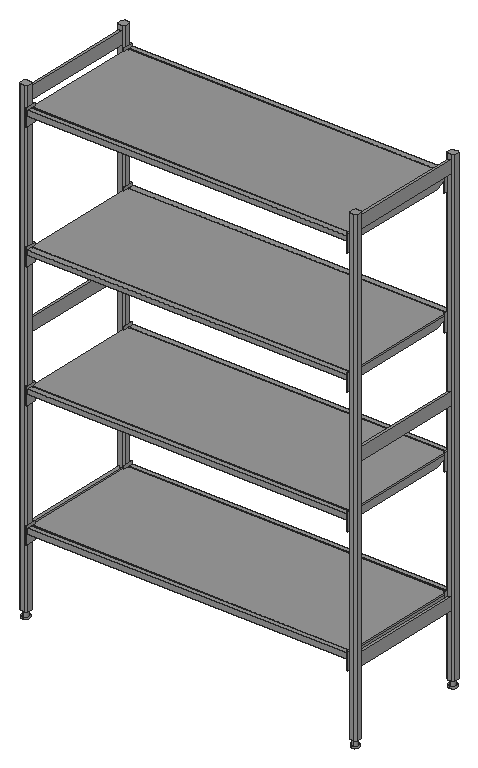
Revit family "QF_ZANUSSI_137035_BLS1216", category Attrezzature speciali, Revit 2020
Family settings
  Quota connettore circolare = Usa diametro
  Tipo di parte = Normale
  Basato su piano di lavoro = No
  Sempre verticale = Sì
  Taglio con vuoti quando caricato = No
  Condiviso = No
  Punto di calcolo locali = No
Parameters (values of type "Standard")
  Weight = 24.00 kg
  Watts = 0 W
  Volts = 0 V
  URL Manufacturer = "http://www.zanussiprofessional.com"
  URL = "http://www.zanussiprofessional.com"
  Steam Supply Size = 0 mm
  Steam Supply Minimum Pressure = 0.0 Pa
  Steam Supply Maximum Pressure = 0.0 Pa
  Steam Consumption per Hour = 0
  Refrigeration Suction Line Size = 0.0 mm
  Refrigeration Liquid Line Size = 0.0 mm
  Refrigerant Compressor Remote = yes
  Prospetto di default = 0.0 mm
  Phase = 0
  Modello = "BLS1216"
  Produttore = "Zanussi"
  Length Actual = 1216.0 mm  # constant formula
  Item Number = "137035"
  Hot Water Size = 0 mm
  Height Actual = 1700.0 mm  # constant formula
  HP = "0 HP"
  Gas Size = 0 mm
  Gas KW = 0
  Gas Input Pressure = 0 W
  Direct Waste Size = 0 mm
  Descrizione = "ALUM.LINEAR SHELV.-POLY.TIERS-475X1216MM"
  Depth Actual = 475.0 mm  # constant formula
  Cycle = 0 Hz
  Condensate Return Size = 0 mm
  Compressed Air Volume = 0.0 L/s
  Compressed Air Size = 0 mm
  Compressed Air Pressure = 0.0 Pa
  Cold Water Size = 0 mm
  Accessory = yes
Reference planes
  plane 1: z = 0
  plane 2 "Center (Left/Right)": x = -31
  plane 3 "LEFT": x = -639
  plane 4 "RIGHT": x = 577
  plane 5 "BACK": y = 23
  plane 6 "FRONT": y = -452
  plane 7 "TOP": z = 1700
  plane 8: x = 572
  plane 9: x = -607
  plane 10: x = 545
  plane 11 "Center (Front/Back)": y = -214.5
  plane 12: x = 540
  plane 13: y = -8.5
  plane 14: y = -420.5
  plane 15 "FEET": z = 25
  plane 16: z = 275
  plane 17: z = 725
  plane 18: z = 1175
  plane 19: z = 1625
  plane 20 "CXLeft": x = -625
  plane 21 "CXRight": x = 563
  plane 22: y = 5.5
  plane 23 "CYBack": y = 5.5
  plane 24 "CYFront": y = -434.5
Forms (mm)
  Extrusion 1, solid, material "QF_Aluminum"
    sketch origin (-639, 0, 0) x (0, 1, 0) y (0, 0, 1)
      loop
        line (4, 1650.994) -> (4, 1632.998) -> (23, 1632.998) -> (23, 1650.994) -> (4, 1650.994)
      loop
        line (-433, 1650.994) -> (-452, 1650.994) -> (-452, 1632.998) -> (-433, 1632.998) -> (-433, 1650.994)
      loop
        line (4, 1200.994) -> (4, 1182.998) -> (23, 1182.998) -> (23, 1200.994) -> (4, 1200.994)
      loop
        line (-433, 1200.994) -> (-452, 1200.994) -> (-452, 1182.998) -> (-433, 1182.998) -> (-433, 1200.994)
      loop
        line (4, 750.994) -> (4, 732.998) -> (23, 732.998) -> (23, 750.994) -> (4, 750.994)
      loop
        line (-433, 750.994) -> (-452, 750.994) -> (-452, 732.998) -> (-433, 732.998) -> (-433, 750.994)
      loop
        line (4, 300.994) -> (4, 282.998) -> (23, 282.998) -> (23, 300.994) -> (4, 300.994)
      loop
        line (-433, 300.994) -> (-452, 300.994) -> (-452, 282.998) -> (-433, 282.998) -> (-433, 300.994)
    from 32 to 1184
  Extrusion 2, solid, material "QF_Polyethylene"
    sketch origin (-639, 0, 0) x (0, 1, 0) y (0, 0, 1)
      loop
        line (2.007, 1650.994) -> (-431, 1650.994) -> (-431, 1644.496) -> (2.007, 1644.496) -> (2.007, 1650.994)
      loop
        line (2.007, 1200.994) -> (-431, 1200.994) -> (-431, 1194.496) -> (2.007, 1194.496) -> (2.007, 1200.994)
      loop
        line (2.007, 750.994) -> (-431, 750.994) -> (-431, 744.496) -> (2.007, 744.496) -> (2.007, 750.994)
      loop
        line (2.007, 300.994) -> (-431, 300.994) -> (-431, 294.496) -> (2.007, 294.496) -> (2.007, 300.994)
    from 32 to 1184
  Extrusion 3, solid, material "QF_Aluminum"
    sketch origin (577, 0, 0) x (0, 1, 0) y (0, 0, 1)
      loop
        line (-12, 1632.998) -> (4, 1632.998) -> (4, 1650.994) -> (2.007, 1650.994) -> (2.007, 1644.496) -> (-431, 1644.496) -> (-431, 1650.994) -> (-433, 1650.994) -> (-433, 1632.998) -> (-417, 1632.998) -> (-383, 1620.994) -> (-46, 1620.994) -> (-12, 1632.998)
      loop
        line (-12, 1182.998) -> (4, 1182.998) -> (4, 1200.994) -> (2.007, 1200.994) -> (2.007, 1194.496) -> (-431, 1194.496) -> (-431, 1200.994) -> (-433, 1200.994) -> (-433, 1182.998) -> (-417, 1182.998) -> (-383, 1170.994) -> (-46, 1170.994) -> (-12, 1182.998)
      loop
        line (-12, 732.998) -> (4, 732.998) -> (4, 750.994) -> (2.007, 750.994) -> (2.007, 744.496) -> (-431, 744.496) -> (-431, 750.994) -> (-433, 750.994) -> (-433, 732.998) -> (-417, 732.998) -> (-383, 720.994) -> (-46, 720.994) -> (-12, 732.998)
      loop
        line (-12, 282.998) -> (4, 282.998) -> (4, 300.994) -> (2.007, 300.994) -> (2.007, 294.496) -> (-431, 294.496) -> (-431, 300.994) -> (-433, 300.994) -> (-433, 282.998) -> (-417, 282.998) -> (-383, 270.994) -> (-46, 270.994) -> (-12, 282.998)
    from -32 to -37
Lines and regions (mm)
  symbolic lines
    curve 1: line (545, 4, 1700) -> (-607, 4, 1700)
    curve 2: line (-611, 23, 1700) -> (549, 23, 1700)
    curve 3: line (549, 13.246, 1700) -> (555.254, 19.5, 1700)
    curve 4: line (555.254, -8.5, 1700) -> (549, -2.246, 1700)
    curve 5: line (555.254, -420.5, 1700) -> (549, -426.754, 1700)
    curve 6: line (-611, -452, 1700) -> (549, -452, 1700)
    curve 7: line (549, 23, 1700) -> (549, -12.993, 1700)
    curve 8: line (549, -12.993, 1700) -> (545, -12.993, 1700)
    curve 9: line (549, -452, 1700) -> (549, -416.007, 1700)
    curve 10: line (549, -416.007, 1700) -> (545, -416.007, 1700)
    curve 11: line (-607, -12.993, 1700) -> (-607, -416.007, 1700)
    curve 12: line (-607, -433, 1700) -> (545, -433, 1700)
    curve 13: line (545, -12.993, 1700) -> (545, -416.007, 1700)
Dimensions and locks
  locked: plane 3 "LEFT" to plane 4 "RIGHT" at 1216
  equal spacing: plane 3 "LEFT", plane 2 "Center (Left/Right)", plane 4 "RIGHT"
  locked: plane 7 "TOP" to level at 1700
  locked: plane 5 "BACK" to plane 6 "FRONT" at 475
  locked: plane 4 "RIGHT" to plane 8 at 5
  locked: plane 9 to plane 10 at 1152
  locked: plane 3 "LEFT" to plane 9 at 32
  plane 12 to plane 10 = 5.0 mm
  locked: plane 13 to plane 14 at 412
  equal spacing: plane 13, plane 11 "Center (Front/Back)", plane 14
  equal spacing: plane 5 "BACK", plane 11 "Center (Front/Back)", plane 6 "FRONT"
  plane 15 "FEET" to level = 25.0 mm
  plane 7 "TOP" to plane 15 "FEET" = 1675.0 mm
  plane 16 to plane 15 "FEET" = 250.0 mm
  plane 17 to plane 16 = 450.0 mm
  plane 18 to plane 17 = 450.0 mm
  plane 19 to plane 18 = 450.0 mm
  locked: plane 3 "LEFT" to plane 20 "CXLeft" at 14
  locked: plane 21 "CXRight" to plane 4 "RIGHT" at 14
  locked: plane 5 "BACK" to plane 23 "CYBack" at 17.5
  locked: plane 24 "CYFront" to plane 6 "FRONT" at 17.5
  aligned and locked: level to plane 1
  aligned and locked: plane 9 to Extrusion 2
  aligned and locked: Extrusion 2 to plane 10
  aligned and locked: plane 9 to Extrusion 1
  aligned and locked: Extrusion 1 to plane 10
  aligned and locked: Extrusion 1 sketch curve to Extrusion 1 sketch curve  (x2)
  aligned and locked: Extrusion 3 sketch curve to Extrusion 3 sketch curve  (x3)
  aligned and locked: Extrusion 3 to plane 12
  aligned and locked: Extrusion 3 to plane 10
  aligned and locked: nested 1 to plane 20 "CXLeft"
  aligned and locked: nested 2 to plane 21 "CXRight"
Automatic sketch dimensions
  Extrusion 1 sketch curve to plane 6 "FRONT" = 0.0 mm  (x4)
  Extrusion 1 sketch curve to plane 5 "BACK" = 0.0 mm  (x4)
  plane 24 "CYFront" to Extrusion 1 sketch curve = 1.5 mm  (x2)
  plane 22 to Extrusion 1 sketch curve = 1.5 mm  (x4)
  plane 16 to Extrusion 1 sketch curve = 7.998 mm  (x2)
  Extrusion 1 sketch curve to Extrusion 1 sketch curve = 17.997 mm  (x8)
  plane 17 to Extrusion 1 sketch curve = 7.998 mm  (x2)
  plane 18 to Extrusion 1 sketch curve = 7.998 mm  (x2)
  plane 19 to Extrusion 1 sketch curve = 7.998 mm  (x2)
  plane 24 "CYFront" to Extrusion 2 sketch curve = 3.5 mm  (x4)
  plane 22 to Extrusion 2 sketch curve = 3.493 mm  (x4)
  plane 16 to Extrusion 2 sketch curve = 19.496 mm
  Extrusion 2 sketch curve to Extrusion 2 sketch curve = 6.499 mm  (x4)
  plane 17 to Extrusion 2 sketch curve = 19.496 mm
  plane 18 to Extrusion 2 sketch curve = 19.496 mm
  plane 19 to Extrusion 2 sketch curve = 19.496 mm
  plane 24 "CYFront" to Extrusion 3 sketch curve = 1.5 mm  (x4)
  Extrusion 3 sketch curve to Extrusion 3 sketch curve = 2.0 mm
  plane 14 to Extrusion 3 sketch curve = 3.5 mm  (x4)
  Extrusion 3 sketch curve to plane 16 = 4.006 mm
  Extrusion 3 sketch curve to Extrusion 3 sketch curve = 34.0 mm  (x4)
  Extrusion 3 sketch curve to plane 17 = 4.006 mm
  Extrusion 3 sketch curve to plane 18 = 4.006 mm
  Extrusion 3 sketch curve to plane 19 = 4.006 mm
  Extrusion 3 sketch curve to plane 13 = 37.5 mm  (x4)
  Extrusion 3 sketch curve to plane 13 = 3.5 mm  (x4)
  plane 22 to Extrusion 3 sketch curve = 3.493 mm  (x4)
  plane 22 to Extrusion 3 sketch curve = 1.5 mm  (x4)
  plane 16 to Extrusion 3 sketch curve = 7.998 mm  (x2)
  Extrusion 3 sketch curve to Extrusion 3 sketch curve = 11.498 mm  (x4)
  Extrusion 3 sketch curve to Extrusion 3 sketch curve = 6.499 mm  (x8)
  plane 17 to Extrusion 3 sketch curve = 7.998 mm  (x2)
  plane 18 to Extrusion 3 sketch curve = 7.998 mm  (x2)
  plane 19 to Extrusion 3 sketch curve = 7.998 mm  (x2)
  curve 6 to plane 6 "FRONT" = 0.0 mm
  curve 12 to plane 9 = 0.0 mm
  curve 12 to plane 10 = 0.0 mm
  curve 5 to plane 14 = 0.0 mm
  curve 11 to plane 9 = 0.0 mm
  curve 8 to plane 10 = 0.0 mm
  curve 4 to plane 13 = 0.0 mm
  curve 1 to plane 9 = 0.0 mm
  curve 1 to plane 10 = 0.0 mm
  curve 2 to plane 5 "BACK" = 0.0 mm
  plane 14 to curve 10 = 4.493 mm
  curve 7 to plane 13 = 4.493 mm
  curve 10 to plane 10 = 4.0 mm
  curve 7 to plane 10 = 4.0 mm
  plane 24 "CYFront" to curve 12 = 1.5 mm
  curve 5 to plane 14 = 6.254 mm
  plane 14 to curve 11 = 4.493 mm
  curve 11 to plane 13 = 4.493 mm
  plane 13 to curve 4 = 6.254 mm
  plane 22 to curve 1 = 1.5 mm
  curve 3 to plane 22 = 7.746 mm
  curve 3 to plane 5 "BACK" = 3.5 mm
  curve 5 to curve 9 = 6.254 mm
  curve 3 to curve 2 = 6.254 mm
  curve 4 to curve 7 = 6.254 mm
  plane 9 to curve 2 = 4.0 mm
  plane 9 to curve 6 = 4.0 mm
Nested families
  nested 1: "WT_Anta475" at (-222, 0, 0), type "WT_Anta475"
  nested 2: "WT_Anta475" at (160, 0, 0) x (-1, 0, 0) z (0, 0, 1), type "WT_Anta475"
Definition of nested family "WT_Anta475"
  Parameters
    WidthLeft = A + 64.0 mm  # 772.0 mm
    Width = 1606.0 mm
    Right = WidthLeft / 2  # 386.0 mm
    Default Elevation = 0.0 mm
    Left = -WidthLeft / 2  # -386.0 mm
    Height = 1725.0 mm
    FEET = 25.0 mm
    E = 0.0 mm
    Dint = Depth - 63.0 mm  # 412.0 mm
    Dext = Depth - 8.0 mm  # 467.0 mm
    Depth = 475.0 mm
    DX = (WidthLeft - A) / 2  # 32.0 mm
    B = 798.0 mm
    A = 708.0 mm
  Reference planes
    plane 1: z = 0
    plane 2 "LEFT": x = -417
    plane 3 "BACK": y = 23
    plane 4 "FRONT": y = -452
    plane 5 "TOP": z = 1725
    plane 6 "Center (Front/Back)": y = -214.5
    plane 7: y = -8.5
    plane 8: y = -420.5
    plane 9 "FEET": z = 25
    plane 10: z = 275
    plane 11: z = 725
    plane 12: z = 1175
    plane 13: z = 1625
    plane 14 "CXLeft": x = -403
    plane 15: y = 5.5
    plane 16 "CYBack": y = 5.5
    plane 17 "CYFront": y = -434.5
    plane 18: x = -385.031
    plane 19: x = -380.031
  Forms (mm)
    Extrusion 1, solid
      sketch origin (0, 0, 0) x (1, 0, 0) y (0, 1, 0)
        loop
          line (-417, 13.246) -> (-417, -2.246) -> (-410.746, -8.5) -> (-395.254, -8.5) -> (-389, -2.246) -> (-389, 13.246) -> (-395.254, 19.5) -> (-410.746, 19.5) -> (-417, 13.246)
      from 1725 to 25
    Extrusion 2, solid
      sketch origin (-417, 0, 0) x (0, 1, 0) y (0, 0, 1)
        loop
          line (23, 246.005) -> (23, 307.993) -> (-12.993, 307.993) -> (-12.993, 246.005) -> (23, 246.005)
        loop
          line (-452, 246.005) -> (-416.007, 246.005) -> (-416.007, 307.993) -> (-452, 307.993) -> (-452, 246.005)
        loop
          line (23, 696.005) -> (23, 757.993) -> (-12.993, 757.993) -> (-12.993, 696.005) -> (23, 696.005)
        loop
          line (-452, 696.005) -> (-416.007, 696.005) -> (-416.007, 757.993) -> (-452, 757.993) -> (-452, 696.005)
        loop
          line (23, 1146.005) -> (23, 1207.993) -> (-12.993, 1207.993) -> (-12.993, 1146.005) -> (23, 1146.005)
        loop
          line (-452, 1146.005) -> (-416.007, 1146.005) -> (-416.007, 1207.993) -> (-452, 1207.993) -> (-452, 1146.005)
        loop
          line (23, 1596.005) -> (23, 1657.993) -> (-12.993, 1657.993) -> (-12.993, 1596.005) -> (23, 1596.005)
        loop
          line (-452, 1596.005) -> (-416.007, 1596.005) -> (-416.007, 1657.993) -> (-452, 1657.993) -> (-452, 1596.005)
      from 28 to 32
    Revolve 3, solid
      sketch origin (-403, 0, 0) x (0, 1, 0) y (0, 0, 1)
        loop
          line (5.5, 25) -> (5.5, 0) -> (19, 0) -> (19, 5) -> (14, 5) -> (14, 25) -> (5.5, 25)
        axis (5.5, 25) -> (5.5, 0)
      angle from 0 to 360
    Extrusion 4, solid
      sketch origin (-403, 0, 0) x (0, 1, 0) y (0, 0, 1)
        loop
          line (-8.5, 912.382) -> (-8.5, 957.374) -> (-420.5, 957.374) -> (-420.5, 912.382) -> (-8.5, 912.382)
        loop
          line (-8.5, 1662.244) -> (-8.5, 1707.236) -> (-420.5, 1707.236) -> (-420.5, 1662.244) -> (-8.5, 1662.244)
      from -5 to 5
    Revolve 5, solid
      sketch origin (-403, -627, 0) x (0, -1, 0) y (0, 0, 1)
        loop
          line (-192.5, 25) -> (-192.5, 0) -> (-179, 0) -> (-179, 5) -> (-184, 5) -> (-184, 25) -> (-192.5, 25)
        axis (-192.5, 25) -> (-192.5, 0)
      angle from 0 to 360
    Extrusion 6, solid
      sketch origin (0, -627, 0) x (1, 0, 0) y (0, 1, 0)
        loop
          line (-417, 184.754) -> (-410.746, 178.5) -> (-395.254, 178.5) -> (-389, 184.754) -> (-389, 200.246) -> (-395.254, 206.5) -> (-410.746, 206.5) -> (-417, 200.246) -> (-417, 184.754)
      from 1725 to 25
    Extrusion 7, solid
      sketch origin (-417.031, -0.022, 0) x (0, 1, 0) y (0, 0, -1)
        loop
          line (-12, -1632.998) -> (-46, -1620.994) -> (-383, -1620.994) -> (-417, -1632.998) -> (-433, -1632.998) -> (-433, -1650.994) -> (-431, -1650.994) -> (-431, -1644.496) -> (2.007, -1644.496) -> (2.007, -1650.994) -> (4, -1650.994) -> (4, -1632.998) -> (-12, -1632.998)
        loop
          line (-12, -1182.998) -> (-46, -1170.994) -> (-383, -1170.994) -> (-417, -1182.998) -> (-433, -1182.998) -> (-433, -1200.994) -> (-431, -1200.994) -> (-431, -1194.496) -> (2.007, -1194.496) -> (2.007, -1200.994) -> (4, -1200.994) -> (4, -1182.998) -> (-12, -1182.998)
        loop
          line (-12, -732.998) -> (-46, -720.994) -> (-383, -720.994) -> (-417, -732.998) -> (-433, -732.998) -> (-433, -750.994) -> (-431, -750.994) -> (-431, -744.496) -> (2.007, -744.496) -> (2.007, -750.994) -> (4, -750.994) -> (4, -732.998) -> (-12, -732.998)
        loop
          line (-12, -282.998) -> (-46, -270.994) -> (-383, -270.994) -> (-417, -282.998) -> (-433, -282.998) -> (-433, -300.994) -> (-431, -300.994) -> (-431, -294.496) -> (2.007, -294.496) -> (2.007, -300.994) -> (4, -300.994) -> (4, -282.998) -> (-12, -282.998)
      from -32 to -37
    Extrusion 8, solid
      sketch origin (-403, 0, -659.878) x (0, 1, 0) y (0, 0, 1)
        loop
          line (-8.5, 912.382) -> (-8.5, 957.374) -> (-420.5, 957.374) -> (-420.5, 912.382) -> (-8.5, 912.382)
        loop
          line (-8.5, 1572.382) -> (-8.5, 1617.374) -> (-420.5, 1617.374) -> (-420.5, 1572.382) -> (-8.5, 1572.382)
        loop
          line (-8.5, 2322.382) -> (-8.5, 2367.374) -> (-420.5, 2367.374) -> (-420.5, 2322.382) -> (-8.5, 2322.382)
      from -5 to 5
  Lines and regions (mm)
    symbolic lines
      curve 1: line (-408, -8.5, 1725) -> (-408, -420.5, 1725)
      curve 2: line (-398, -420.5, 1725) -> (-398, -8.5, 1725)
      curve 3: line (-395.254, -8.5, 1725) -> (-410.746, -8.5, 1725)
      curve 4: line (-417, -2.246, 1725) -> (-410.746, -8.5, 1725)
      curve 5: line (-417, 13.246, 1725) -> (-417, -2.246, 1725)
      curve 6: line (-410.746, 19.5, 1725) -> (-417, 13.246, 1725)
      curve 7: line (-395.254, 19.5, 1725) -> (-410.746, 19.5, 1725)
      curve 8: line (-389, 13.246, 1725) -> (-395.254, 19.5, 1725)
      curve 9: line (-395.254, -8.5, 1725) -> (-389, -2.246, 1725)
      curve 10: line (-395.254, -420.5, 1725) -> (-410.746, -420.5, 1725)
      curve 11: line (-417, -426.754, 1725) -> (-410.746, -420.5, 1725)
      curve 12: line (-410.746, -448.5, 1725) -> (-417, -442.246, 1725)
      curve 13: line (-395.254, -448.5, 1725) -> (-410.746, -448.5, 1725)
      curve 14: line (-389, -442.246, 1725) -> (-395.254, -448.5, 1725)
      curve 15: line (-395.254, -420.5, 1725) -> (-389, -426.754, 1725)
      curve 16: line (-389, -452, 1725) -> (-389, -416.007, 1725)
      curve 17: line (-389, -416.007, 1725) -> (-385, -416.007, 1725)
      curve 18: line (-389, 23, 1725) -> (-389, -12.993, 1725)
      curve 19: line (-389, -12.993, 1725) -> (-385, -12.993, 1725)
      curve 20: line (-417, -426.754, 1725) -> (-417, -442.246, 1725)
      curve 21: line (-385, -452, 1725) -> (-385, -416.007, 1725)
      curve 22: line (-385, -452, 1725) -> (-389, -452, 1725)
      curve 23: line (-385, 23, 1725) -> (-389, 23, 1725)
      curve 24: line (-385, -12.993, 1725) -> (-385, 23, 1725)
      curve 25: line (-385.031, -13.016, 1725) -> (-385.031, -416.029, 1725)
  Dimensions and locks
    "Height": plane 5 "TOP" to level
    "Depth": plane 3 "BACK" to plane 4 "FRONT"
    "Dint": plane 7 to plane 8
    equal spacing: plane 7, plane 6 "Center (Front/Back)", plane 8
    equal spacing: plane 3 "BACK", plane 6 "Center (Front/Back)", plane 4 "FRONT"
    plane 9 "FEET" to level = 25.0 mm
    plane 5 "TOP" to plane 9 "FEET" = 1700.0 mm
    plane 10 to plane 9 "FEET" = 250.0 mm
    plane 11 to plane 10 = 450.0 mm
    plane 12 to plane 11 = 450.0 mm
    plane 13 to plane 12 = 450.0 mm
    locked: plane 2 "LEFT" to plane 14 "CXLeft" at 14
    locked: plane 3 "BACK" to plane 16 "CYBack" at 17.5
    locked: plane 17 "CYFront" to plane 4 "FRONT" at 17.5
    locked: Revolve 3 sketch curve to Revolve 3 sketch curve at 8.5
    locked: Revolve 3 sketch curve to plane 16 "CYBack" at 13.5
    locked: Revolve 5 sketch curve to Revolve 5 sketch curve at 8.5
    aligned and locked: level to plane 1
    aligned and locked: curve 20 to Extrusion 6
    aligned and locked: plane 5 "TOP" to Extrusion 1
    aligned and locked: plane 5 "TOP" to Extrusion 6
    aligned and locked: Extrusion 7 sketch curve to Extrusion 7 sketch curve  (x3)
  Automatic sketch dimensions
    curve 16 to plane 4 "FRONT" = 0.0 mm
    curve 11 to plane 8 = 0.0 mm
    curve 9 to plane 7 = 0.0 mm
    curve 5 to plane 2 "LEFT" = 0.0 mm
    curve 23 to plane 3 "BACK" = 0.0 mm
    plane 4 "FRONT" to curve 13 = 3.5 mm
    curve 20 to plane 17 "CYFront" = 7.746 mm
    curve 20 to plane 8 = 6.254 mm
    plane 8 to curve 16 = 4.493 mm
    curve 24 to plane 18 = 0.031 mm
    curve 24 to plane 7 = 4.493 mm
    plane 7 to curve 5 = 6.254 mm
    curve 5 to plane 15 = 7.746 mm
    curve 6 to plane 3 "BACK" = 3.5 mm
    curve 21 to plane 18 = 0.031 mm
    plane 18 to curve 23 = 3.969 mm
    plane 18 to curve 16 = 3.969 mm
    curve 18 to curve 8 = 6.254 mm
    curve 18 to curve 3 = 6.254 mm
    curve 16 to curve 13 = 6.254 mm
    curve 16 to curve 15 = 6.254 mm
    plane 2 "LEFT" to curve 10 = 6.254 mm
    plane 2 "LEFT" to curve 7 = 6.254 mm
    plane 2 "LEFT" to curve 12 = 6.254 mm
    plane 2 "LEFT" to curve 3 = 6.254 mm
    curve 14 to plane 17 "CYFront" = 7.746 mm
    curve 15 to plane 8 = 6.254 mm
    plane 7 to curve 9 = 6.254 mm
    curve 8 to plane 15 = 7.746 mm
    curve 3 to curve 2 = 2.746 mm
    curve 1 to curve 10 = 2.746 mm
    Extrusion 1 sketch curve to plane 2 "LEFT" = 0.0 mm
    Extrusion 1 sketch curve to plane 7 = 0.0 mm
    plane 2 "LEFT" to Extrusion 1 sketch curve = 6.254 mm  (x2)
    plane 14 "CXLeft" to Extrusion 1 sketch curve = 7.746 mm  (x2)
    Extrusion 1 sketch curve to plane 3 "BACK" = 3.5 mm
    plane 18 to Extrusion 1 sketch curve = 3.969 mm
    plane 7 to Extrusion 1 sketch curve = 6.254 mm  (x2)
    Extrusion 1 sketch curve to plane 15 = 7.746 mm  (x2)
    Extrusion 2 sketch curve to plane 4 "FRONT" = 0.0 mm  (x4)
    Extrusion 2 sketch curve to plane 3 "BACK" = 0.0 mm  (x4)
    plane 8 to Extrusion 2 sketch curve = 4.493 mm  (x4)
    Extrusion 2 sketch curve to plane 7 = 4.493 mm  (x4)
    Extrusion 2 sketch curve to plane 10 = 28.995 mm  (x2)
    plane 10 to Extrusion 2 sketch curve = 32.993 mm  (x2)
    Extrusion 2 sketch curve to plane 11 = 28.995 mm  (x2)
    plane 11 to Extrusion 2 sketch curve = 32.993 mm  (x2)
    Extrusion 2 sketch curve to plane 12 = 28.995 mm  (x2)
    plane 12 to Extrusion 2 sketch curve = 32.993 mm  (x2)
    Extrusion 2 sketch curve to plane 13 = 28.995 mm  (x2)
    plane 13 to Extrusion 2 sketch curve = 32.993 mm  (x2)
    Revolve 3 sketch curve to plane 9 "FEET" = 0.0 mm  (x2)
    Revolve 3 sketch curve to plane 15 = 0.0 mm  (x2)
    Revolve 3 sketch curve to level = 0.0 mm
    level to Revolve 3 sketch curve = 5.0 mm
    Revolve 3 sketch curve to Revolve 3 sketch curve = 11.655 mm
    Extrusion 4 sketch curve to plane 8 = 0.0 mm  (x2)
    Extrusion 4 sketch curve to plane 7 = 0.0 mm  (x2)
    plane 11 to Extrusion 4 sketch curve = 187.382 mm
    Extrusion 4 sketch curve to Extrusion 4 sketch curve = 44.992 mm
    plane 13 to Extrusion 4 sketch curve = 37.244 mm
    Extrusion 4 sketch curve to plane 5 "TOP" = 17.764 mm
    Revolve 5 sketch curve to plane 9 "FEET" = 0.0 mm  (x2)
    Revolve 5 sketch curve to plane 17 "CYFront" = 0.0 mm  (x2)
    Revolve 5 sketch curve to level = 0.0 mm
    Revolve 5 sketch curve to plane 4 "FRONT" = 4.0 mm
    Revolve 5 sketch curve to Revolve 5 sketch curve = 5.0 mm
    level to Revolve 5 sketch curve = 11.655 mm
    Extrusion 6 sketch curve to plane 2 "LEFT" = 0.0 mm
    Extrusion 6 sketch curve to plane 8 = 0.0 mm
    Extrusion 6 sketch curve to plane 2 "LEFT" = 6.254 mm  (x2)
    Extrusion 6 sketch curve to plane 14 "CXLeft" = 7.746 mm  (x2)
    Extrusion 6 sketch curve to plane 4 "FRONT" = 3.5 mm
    Extrusion 6 sketch curve to plane 18 = 3.969 mm
    plane 8 to Extrusion 6 sketch curve = 6.254 mm  (x2)
    plane 17 "CYFront" to Extrusion 6 sketch curve = 7.746 mm  (x2)
    plane 17 "CYFront" to Extrusion 7 sketch curve = 1.478 mm  (x4)
    Extrusion 7 sketch curve to Extrusion 7 sketch curve = 2.0 mm
    plane 8 to Extrusion 7 sketch curve = 3.478 mm  (x4)
    Extrusion 7 sketch curve to plane 10 = 4.006 mm
    Extrusion 7 sketch curve to Extrusion 7 sketch curve = 34.0 mm  (x4)
    Extrusion 7 sketch curve to plane 11 = 4.006 mm
    Extrusion 7 sketch curve to plane 12 = 4.006 mm
    Extrusion 7 sketch curve to plane 13 = 4.006 mm
    Extrusion 7 sketch curve to plane 7 = 37.522 mm  (x4)
    Extrusion 7 sketch curve to plane 7 = 3.522 mm  (x4)
    plane 15 to Extrusion 7 sketch curve = 3.516 mm  (x4)
    plane 15 to Extrusion 7 sketch curve = 1.522 mm  (x4)
    plane 13 to Extrusion 7 sketch curve = 7.998 mm  (x2)
    Extrusion 7 sketch curve to Extrusion 7 sketch curve = 11.498 mm
    Extrusion 7 sketch curve to Extrusion 7 sketch curve = 6.499 mm  (x5)
    plane 12 to Extrusion 7 sketch curve = 25.994 mm  (x2)
    plane 12 to Extrusion 7 sketch curve = 7.998 mm  (x2)
    plane 11 to Extrusion 7 sketch curve = 25.994 mm  (x2)
    plane 11 to Extrusion 7 sketch curve = 7.998 mm  (x2)
    plane 10 to Extrusion 7 sketch curve = 25.994 mm  (x2)
    plane 10 to Extrusion 7 sketch curve = 7.998 mm  (x2)
    curve 25 to plane 18 = 0.0 mm
    plane 8 to curve 25 = 4.471 mm
    curve 25 to plane 7 = 4.516 mm
    Extrusion 8 sketch curve to plane 8 = 0.0 mm  (x3)
    Extrusion 8 sketch curve to plane 7 = 0.0 mm  (x3)
    Extrusion 8 sketch curve to plane 10 = 22.496 mm
    plane 10 to Extrusion 8 sketch curve = 22.496 mm
    plane 11 to Extrusion 8 sketch curve = 187.504 mm
    Extrusion 8 sketch curve to Extrusion 8 sketch curve = 44.992 mm
    plane 13 to Extrusion 8 sketch curve = 37.504 mm
    Extrusion 8 sketch curve to plane 5 "TOP" = 17.504 mm
